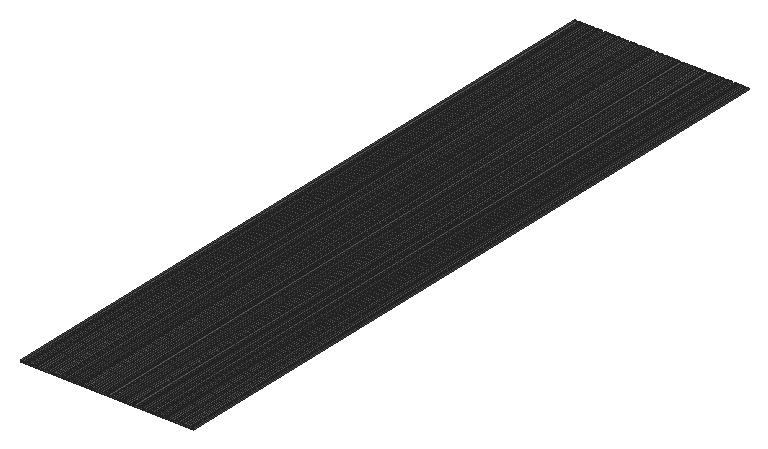
Revit family "111213058021804", category Modelos genéricos, Revit 2018
Family settings
  Puede alojar armadura = No
  Cota de conector redondo = Diámetro de uso
  Tipo de pieza = Normal
  Se basa en plano de trabajo = No
  Siempre vertical = No
  Corte con vacíos al cargar = No
  Compartido = No
  Punto de cálculo de habitación = No
Parameters (values of type "DESCANSO NEO PVC 300MM NEGRO TIRA 1.20")
  Ventajas = "Autoextinguible"
  Uso = "Es un producto que se instala en los descansos de las escaleras, es una solución\r\nfabricada en PVC, ideal para zonas de medio y alto trafico, con estrías antideslizantes.\r\nIdeal para: Edificios Públicos y Privados, Colegios, Universidades, Centros comerciales,\r\nAeropuertos, Hoteles, Edificios Habitacionales, entre otros."
  Unidad = "Tiras de 1.20 Mts y 3.00 Mts."
  URL = "https://www.empresascnp.cl/"
  Num SKUs = "111213058021804"
  Nombre SKU = "DESCANSO NEO PVC 300MM NEGRO TIRA 1.2MT"
  Modelo = "DESCANSO NEO PVC 300MM"
  Material = PVC flexible negro
  Url Ficha tecnica = "https://empresascnp.cl/wp-content/uploads//pdf/ficha-tecnica-descanso-neo-pvc-300mm-negro-tira-3mt.pdf"
  Largo = 1200.00 mm
  Espesor = 2.00 mm
  Empresa = "CNP SPA."
  Dureza = "80 shore A"
  Dimension = 300.00 mm
  Descripción = "Grada Neo 300x50 MM."
  Contacto = "info@empresascnp.cl"
  Color = "NEGRO"
  Aplicacion = "Escaleras"
  Alto = 50.00 mm
Reference planes
  plane 1 "Center F/B": y = 0
  plane 2: z = 0
  plane 3 "Center L/R": x = 0
  plane 4: z = -50
  plane 5 "2": y = 600
  plane 6 "3": y = -600
  plane 7: x = 300
  plane 8: z = -2
  plane 9 "4": x = 2
Forms (mm)
  Extrusion 1, solid, material "PVC flexible negro" <- "Material"
    sketch origin (0, 0, 0) x (1, 0, 0) y (0, 0, 1)
      loop
        line (300, -0.79) -> (299, -0.79) -> (299, 0) -> (297, 0) -> (297, -0.79) -> (296, -0.79) -> (296, 0) -> (294, 0) -> (294, -0.79) -> (293, -0.79) -> (293, 0) -> (291, 0) -> (291, -0.79) -> (287, -0.79) -> (287, 0) -> (285, 0) -> (285, -0.79) -> (284, -0.79) -> (284, 0) -> (282, 0) -> (282, -0.79) -> (281, -0.79) -> (281, 0) -> (279, 0) -> (279, -0.79) -> (278, -0.79) -> (278, 0) -> (276, 0) -> (276, -0.79) -> (272, -0.79) -> (272, 0) -> (270, 0) -> (270, -0.79) -> (269, -0.79) -> (269, 0) -> (267, 0) -> (267, -0.79) -> (266, -0.79) -> (266, 0) -> (264, 0) -> (264, -0.79) -> (263, -0.79) -> (263, 0) -> (261, 0) -> (261, -0.79) -> (257, -0.79) -> (257, 0) -> (255, 0) -> (255, -0.79) -> (254, -0.79) -> (254, 0) -> (252, 0) -> (252, -0.79) -> (251, -0.79) -> (251, 0) -> (249, 0) -> (249, -0.79) -> (248, -0.79) -> (248, 0) -> (246, 0) -> (246, -0.79) -> (242, -0.79) -> (242, 0) -> (240, 0) -> (240, -0.79) -> (239, -0.79) -> (239, 0) -> (237, 0) -> (237, -0.79) -> (236, -0.79) -> (236, 0) -> (234, 0) -> (234, -0.79) -> (233, -0.79) -> (233, 0) -> (231, 0) -> (231, -0.79) -> (227, -0.79) -> (227, 0) -> (225, 0) -> (225, -0.79) -> (224, -0.79) -> (224, 0) -> (222, 0) -> (222, -0.79) -> (221, -0.79) -> (221, 0) -> (219, 0) -> (219, -0.79) -> (218, -0.79) -> (218, 0) -> (216, 0) -> (216, -0.79) -> (212, -0.79) -> (212, 0) -> (210, 0) -> (210, -0.79) -> (209, -0.79) -> (209, 0) -> (207, 0) -> (207, -0.79) -> (206, -0.79) -> (206, 0) -> (204, 0) -> (204, -0.79) -> (203, -0.79) -> (203, 0) -> (201, 0) -> (201, -0.79) -> (197, -0.79) -> (197, 0) -> (195, 0) -> (195, -0.79) -> (194, -0.79) -> (194, 0) -> (192, 0) -> (192, -0.79) -> (191, -0.79) -> (191, 0) -> (189, 0) -> (189, -0.79) -> (188, -0.79) -> (188, 0) -> (186, 0) -> (186, -0.79) -> (182, -0.79) -> (182, 0) -> (180, 0) -> (180, -0.79) -> (179, -0.79) -> (179, 0) -> (177, 0) -> (177, -0.79) -> (176, -0.79) -> (176, 0) -> (174, 0) -> (174, -0.79) -> (173, -0.79) -> (173, 0) -> (171, 0) -> (171, -0.79) -> (167, -0.79) -> (167, 0) -> (165, 0) -> (165, -0.79) -> (164, -0.79) -> (164, 0) -> (162, 0) -> (162, -0.79) -> (161, -0.79) -> (161, 0) -> (159, 0) -> (159, -0.79) -> (158, -0.79) -> (158, 0) -> (156, 0) -> (156, -0.79) -> (152, -0.79) -> (152, 0) -> (150, 0) -> (150, -0.79) -> (149, -0.79) -> (149, 0) -> (147, 0) -> (147, -0.79) -> (146, -0.79) -> (146, 0) -> (144, 0) -> (144, -0.79) -> (143, -0.79) -> (143, 0) -> (141, 0) -> (141, -0.79) -> (137, -0.79) -> (137, 0) -> (135, 0) -> (135, -0.79) -> (134, -0.79) -> (134, 0) -> (132, 0) -> (132, -0.79) -> (131, -0.79) -> (131, 0) -> (129, 0) -> (129, -0.79) -> (128, -0.79) -> (128, 0) -> (126, 0) -> (126, -0.79) -> (122, -0.79) -> (122, 0) -> (120, 0) -> (120, -0.79) -> (119, -0.79) -> (119, 0) -> (117, 0) -> (117, -0.79) -> (116, -0.79) -> (116, 0) -> (114, 0) -> (114, -0.79) -> (113, -0.79) -> (113, 0) -> (111, 0) -> (111, -0.79) -> (107, -0.79) -> (107, 0) -> (105, 0) -> (105, -0.79) -> (104, -0.79) -> (104, 0) -> (102, 0) -> (102, -0.79) -> (101, -0.79) -> (101, 0) -> (99, 0) -> (99, -0.79) -> (98, -0.79) -> (98, 0) -> (96, 0) -> (96, -0.79) -> (92, -0.79) -> (92, 0) -> (90, 0) -> (90, -0.79) -> (89, -0.79) -> (89, 0) -> (87, 0) -> (87, -0.79) -> (86, -0.79) -> (86, 0) -> (84, 0) -> (84, -0.79) -> (83, -0.79) -> (83, 0) -> (81, 0) -> (81, -0.79) -> (77, -0.79) -> (77, 0) -> (75, 0) -> (75, -0.79) -> (74, -0.79) -> (74, 0) -> (72, 0) -> (72, -0.79) -> (71, -0.79) -> (71, 0) -> (69, 0) -> (69, -0.79) -> (68, -0.79) -> (68, 0) -> (66, 0) -> (66, -0.79) -> (62, -0.79) -> (62, 0) -> (60, 0) -> (60, -0.79) -> (59, -0.79) -> (59, 0) -> (57, 0) -> (57, -0.79) -> (56, -0.79) -> (56, 0) -> (54, 0) -> (54, -0.79) -> (53, -0.79) -> (53, 0) -> (51, 0) -> (51, -0.79) -> (47, -0.79) -> (47, 0) -> (45, 0) -> (45, -0.79) -> (44, -0.79) -> (44, 0) -> (42, 0) -> (42, -0.79) -> (41, -0.79) -> (41, 0) -> (39, 0) -> (39, -0.79) -> (38, -0.79) -> (38, 0) -> (36, 0) -> (36, -0.79) -> (32, -0.79) -> (32, 0) -> (30, 0) -> (30, -0.79) -> (29, -0.79) -> (29, 0) -> (27, 0) -> (27, -0.79) -> (26, -0.79) -> (26, 0) -> (24, 0) -> (24, -0.79) -> (23, -0.79) -> (23, 0) -> (21, 0) -> (21, -0.79) -> (17, -0.79) -> (17, 0) -> (15, 0) -> (15, -0.79) -> (14, -0.79) -> (14, 0) -> (12, 0) -> (12, -0.79) -> (11, -0.79) -> (11, 0) -> (9, 0) -> (9, -0.79) -> (8, -0.79) -> (8, 0) -> (6, 0) -> (6, -0.79) -> (2, -0.79) -> (2, 0) -> (0, 0) -> (0, -2) -> (300, -2) -> (300, -0.79)
    from -600 to 600
Dimensions and locks
  "Alto": level to plane 4
  equal spacing: plane 6 "3", plane 1 "Center F/B", plane 5 "2"
  "Largo": plane 6 "3" to plane 5 "2"
  "Dimension": plane 7 to plane 3 "Center L/R"
  "Espesor": plane 2 to Extrusion 1 sketch curve
  aligned and locked: plane 6 "3" to Extrusion 1
  aligned and locked: Extrusion 1 to plane 5 "2"
  aligned and locked: Extrusion 1 sketch curve to plane 7
Automatic sketch dimensions
  Extrusion 1 sketch curve to level = 0.00 mm  (x80)
  Extrusion 1 sketch curve to plane 3 "Center L/R" = 0.00 mm
  Extrusion 1 sketch curve to plane 9 "4" = 0.00 mm
  plane 9 "4" to Extrusion 1 sketch curve = 4.00 mm
  Extrusion 1 sketch curve to Extrusion 1 sketch curve = 2.00 mm  (x78)
  Extrusion 1 sketch curve to Extrusion 1 sketch curve = 1.00 mm  (x59)
  Extrusion 1 sketch curve to level = 0.79 mm  (x77)
  Extrusion 1 sketch curve to Extrusion 1 sketch curve = 4.00 mm  (x19)
  Extrusion 1 sketch curve to plane 7 = 1.00 mm
  Extrusion 1 sketch curve to Extrusion 1 sketch curve = 0.79 mm  (x3)
